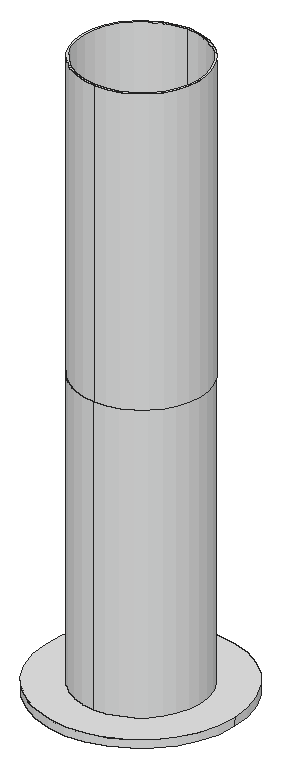
Revit family "Lighting-Surface-Amerlux-Finch-FIN3-SMA", category Lighting Fixtures, host Face, Revit 2020
Family settings
  Host = Face
  Round Connector Dimension = Use Diameter
  Part Type = Normal
  Cut with Voids When Loaded = No
  Light Source = Yes
  Shared = No
  Room Calculation Point = No
Parameters (values of type "FIN3-SMF")
  Wattage = 9.2903 W
  built-in parameter 1150110 = 1 (stored number, unit not read)
  Voltage = 0 V
  Uplight [instance] = yes
  URL = "http://www.amerlux.com/"
  built-in parameter 1114217 = 1 (stored number, unit not read)
  Tilt Angle = -90.00°
  built-in parameter 1150109 = 1 (stored number, unit not read)
  built-in parameter 1150134 = 3
  built-in parameter 1150113 = 1 (stored number, unit not read)
  Power Factor = 1
  Photometric Web File = "Load File"
  Number of Poles = 1
  built-in parameter 1150142 = (empty or 0)
  Model = "Finch"
  Manufacturer = "Amerlux"
  built-in parameter 1150105 = 109.82 (stored number, unit not read)
  Lumens = 1380 lm
  built-in parameter 1150115 = 1 (stored number, unit not read)
  built-in parameter 1150137 = (empty or 0)
  built-in parameter 1150139 = (empty or 0)
  built-in parameter 1150112 = 1 (stored number, unit not read)
  built-in parameter 1150114 = 1 (stored number, unit not read)
  built-in parameter 1150132 = (empty or 0)
  built-in parameter 1150102 = (empty or 0)
  built-in parameter 1150107 = 3200 (stored number, unit not read)
  built-in parameter 1150138 = (empty or 0)
  built-in parameter 1150106 = 1.0982 (stored number, unit not read)
  Fixture Length = 0' - 3"
  Fixture Finish = Aluminum Finish
  Fixture Angle [instance] = 90.00°
  Emit from Circle Diameter = 0' - 1 1/4"
  Emit Shape Visible in Rendering = no
  built-in parameter 1150104 = 13.8 (stored number, unit not read)
  Dimming Lamp Color Temperature Shift = <None>
  Description = "Surface Mount"
  Default Elevation = 4' - 0"
  Color Filter = 16777215
  built-in parameter 1114218 = 1 (stored number, unit not read)
  built-in parameter 1150133 = 10 (stored number, unit not read)
  Apparent Load = 0 VA
Reference planes (in)
  plane 1 "Center (Front/Back)": y = 0
  plane 2: z = 0
  plane 3 "Center (Left/Right)": x = 0
  plane 4: z = 0
  plane 5: z = 3
  plane 6: y = 3
  plane 7: y = -3
  plane 8: x = -1.73065
  plane 9: x = 1.73065
  plane 10: z = 0.4375
Forms (in)
  Extrusion 1, solid, material "Aluminum Finish"
    sketch origin (0, 0, -16.41762) x (0, 1, 0) y (-1, 0, 0)
      loop
        circle (0, 0) r 0.625
    from 16.5 to 19.41762
  Extrusion 2, solid, material "Aluminum Finish"
    sketch origin (0, 0, 0) x (1, 0, 0) y (0, 1, 0)
      loop
        circle (0, 0) r 1
    from 0 to 0.08238
Lines and regions (in)
  reference lines
    curve 1: line (0, 0, 3) -> (0, 0, 8.18388)
Dimensions and locks (in)
  plane 4 to host face = 0' - 0"
  equal spacing: plane 6, plane 1 "Center (Front/Back)", plane 7
  locked: plane 6 to plane 7 at 6
  "Fixture Length": plane 5 to host face
  diameter of Extrusion 1 sketch curve = 0' - 1 1/4"
  "Fixture Angle": angle plane 5 to curve 1
  "Fixture Angle": angle plane 5 to nested 1
  aligned and locked: plane 2 to host face
  aligned and locked: level to host face
  aligned and locked: plane 3 "Center (Left/Right)" to imposter light
  aligned and locked: plane 5 to Extrusion 1
  aligned and locked: plane 1 "Center (Front/Back)" to curve 1
  aligned and locked: plane 5 to curve 1
  aligned and locked: nested 1 to curve 1
Automatic sketch dimensions
  host sketch curve to host sketch curve = 8' - 0"  (x2)
  plane 1 "Center (Front/Back)" to Extrusion 2 sketch curve = 0' - 0"
  Extrusion 2 sketch curve to plane 3 "Center (Left/Right)" = 0' - 0"
  plane 1 "Center (Front/Back)" to Extrusion 1 sketch curve = 0' - 0"
  Extrusion 1 sketch curve to plane 3 "Center (Left/Right)" = 0' - 0"
  radius of Extrusion 2 sketch curve = 0' - 1"
Nested families (in)
  nested 1: "Family1" at (0, 0, 4.49699) x (0, 1, 0) z (1, 0, 0), type "Family1"
Connectors (in)
  electrical at (0, 0, 0), driven by "Number of Poles", driven by "Voltage", driven by "Power Factor"
    settings: on Extrusion 2, index 1, voltage 0 V, apparent load 0 VA, apparent load phase1 0 VA, apparent load phase2 0 VA, apparent load phase3 0 VA, power factor 1, load classification "Other", number of poles 1, system type 31, power factor state 1, is connector primary yes, connector utility no, sub classification motor no, connector description ""
Definition of nested family "Family1"
  Parameters
    Material = none
    Default Elevation = 4' - 0"
  Reference planes (in)
    plane 1 "Center (Front/Back)": y = 0
    plane 2: z = 0
    plane 3 "Center (Left/Right)": x = 0
  Forms (in)
    Extrusion 1, solid
      sketch origin (0, 0, 0) x (1, 0, 0) y (0, 1, 0)
        loop
          line (-48, 48) -> (-48, -48) -> (48, -48) -> (48, 48) -> (-48, 48)
      from 0 to -12
    Extrusion 2, solid, material <- "Material"
      sketch origin (0, 0.01599, 0.00763) x (1, 0, 0) y (0, 0, -1)
        loop
          circle (0, 0) r 0.625
        loop
          circle (0, 0) r 0.60579
      from -1.51299 to 1.48701
  Dimensions and locks (in)
    Extrusion 2 to Extrusion 2 = 0' - 3"
    aligned and locked: plane 2 to Extrusion 1
    aligned and locked: level to Extrusion 1
